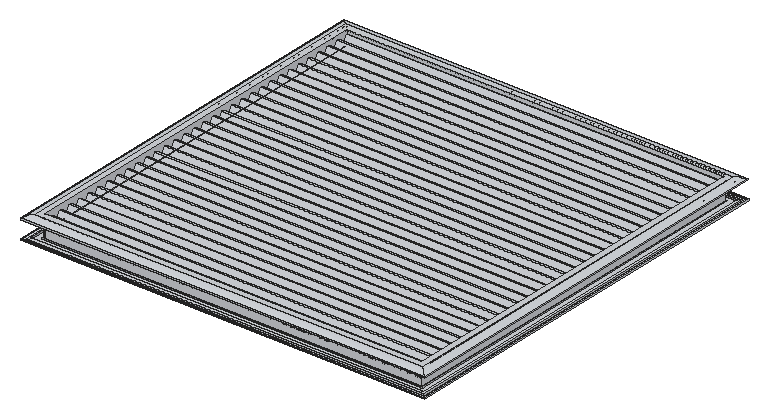
Revit family "12611_GDY", category Air Terminals, Revit 2012
Parameters (values of type "GDY")
  Visible_Texto = not(and(and(and(Medida_Requerida_Vertical > 5", Medida_Requerida_Vertical < 25"), and(Medida_Requerida_Horizontal > 5", Medida_Requerida_Horizontal < 37")), and(Medida_Requerida_Vertical = (Var2 * 1"), Medida_Requerida_Horizontal = (Var1 * 1"))))  # no
  Var2 = rounddown(Medida_Requerida_Vertical / 2") * 2  # 24
  Var1 = rounddown(Medida_Requerida_Horizontal / 2") * 2  # 24
  URL = "https://www.innes.com.mx"
  Type Comments = "Aletas tipo \"Y\""
  Tipo de Cuello = "Cuadrado/Rectangular"
  Posición de Instalación = "Muro"
  Nota_1 = if(Medida_Requerida_Vertical > 24", "Medida vertical no disponible máximo 24 in", if(Medida_Requerida_Vertical < 6", "Medida vertical no disponible mínimo 6 in", if(Medida_Requerida_Horizontal > 36", "Medida horizontal no disponible máximo 36 in", if(Medida_Requerida_Horizontal < 6", "Medida horizontal no disponible mínimo 6 in", if(and(Medida_Requerida_Vertical = (Var2 * 1"), Medida_Requerida_Horizontal = (Var1 * 1")), ".", "Medida no Válida. Sólo incrementos de 2 in")))))  # "."
  Model = "GDY"
  Medida_Requerida_Vertical = 24"
  Medida_Requerida_Horizontal = 24"
  Material = "Aluminio"
  Manufacturer = "INNES"
  Incrementos de Cuello = "de 2\""
  Función = "Transferencia"
  Description = "Rejilla de  Transferencia"
  Inclinación = "45°"
  Cuello Mín.-Máx. = "6\"x6\" hasta 36x24\""
  Conect_Vertical = if(Medida_Requerida_Vertical > 24", 25 3/8", if(Medida_Requerida_Vertical < 6", 7 3/8", Medida_Requerida_Vertical + 1 3/8"))  # 25 3/8"
  Conect_Horizontal = if(Medida_Requerida_Horizontal > 36", 37 3/8", if(Medida_Requerida_Horizontal < 6", 7 3/8", Medida_Requerida_Horizontal + 1 3/8"))  # 25 3/8"
Reference planes (in)
  plane 1 "Center (Front/Back)": y = 0
  plane 2: z = 0
  plane 3 "Center (Left/Right)": x = 0
  plane 4 "Conect": z = 1.5
Nested families (in)
  nested 1: "Texto_GDY" at (-5.40304, -63.82609, 0), type "texto"
    with Visible_Texto no
  nested 2: "GDY" at (0, 0, 0), type "GDY"
    with var3 24", var1 24", Var5 23 5/8", Horizontal_Externo 25 3/8", Horizontal_Interior 23 3/4", Medida_Horizontal_Requerida 24"
Connectors (in)
  hvac at (0, 0, 1.5), driven by "Conect_Vertical", driven by "Conect_Horizontal"
    settings: index 1, duct flow 0.0 L/s, flow factor 0, pres drop 0.0 Pa, loss coef 0, conn angle 0.00°, conn width 644.525 mm, conn height 644.525 mm, conn radius 304.8 mm, duct sys type 1, conn prof type 1, flow config 0, flow direction 0, loss method 0, conn ref index -1, conn util no, is conn primary yes, conn desc ""
Definition of nested family "GDY"
  Parameters (values of type "GDY")
    var4 = if(var2 > 24", 24", if(var2 < 6", 6", var2))  # 24"
    var3 = if(var1 > 36", 36", if(var1 < 6", 6", var1))  # 36"
    var2 = rounddown(Medida_Vertical_Requerida / 2") * 2"  # 24"
    var1 = rounddown(Medida_Horizontal_Requerida / 2") * 2"  # 36"
    Var5 = Horizontal_Interior - 1" / 8  # 35 5/8"
    URL = "http://www.innes.com.mx/p/Product/Article/146"
    Sep_Aletas = 3" / 4  # 3/4"
    Plano = 1 5/32"  # constant formula
    Oculta Adv = not(and(and(and(Medida_Vertical_Requerida > 5", Medida_Vertical_Requerida < 25"), and(Medida_Horizontal_Requerida > 5", Medida_Horizontal_Requerida < 37")), and(Medida_Vertical_Requerida = var2, Medida_Horizontal_Requerida = var1)))  # no
    No_Aletas = (Vertical_Interior) / Sep_Aletas  # 32
    Model = "GDY"
    Min Flow = 0.0 L/s
    Material = "Aluminio Extruido"
    Manufacturer = "INNES"
    Vertical_Externa = var2 + 1 3/8"  # 25 3/8"
    Description = "Rejilla de Transferencia"
    Color = rojo
    Vertical_Interior = var4 - 1/4"  # 23 3/4"
    Medida_Vertical_Requerida = 24"
    Conexion = "Cuadrangualar"
    Ancho_Liston = 1 5/32"  # constant formula
    Horizontal_Externo = var1 + 1 3/8"  # 37 3/8"
    Horizontal_Interior = var3 - 1/4"  # 35 3/4"
    Medida_Horizontal_Requerida = 36"
    Altura = 1 1/2"  # constant formula
    Alto_Liston = 15/32"  # constant formula
  Reference planes (in)
    plane 1 "Center (Front/Back)": y = 0
    plane 2: z = 0
    plane 3 "Center (Left/Right)": x = 0
    plane 4: x = -18.6875
    plane 5: x = 18.6875
    plane 6: x = -17.875
    plane 7: x = 17.875
    plane 8: y = 12.6875
    plane 9: y = -12.6875
    plane 10: y = 11.875
    plane 11: y = -11.875
    plane 12 "Altura": z = 1.5
    plane 13: z = 0.1875
    plane 14: z = 1.15625
  Forms (in)
    Sweep 1, solid
      path origin (0, 0, 0) x (1, 0, 0) y (0, 1, 0)
        loop
          line (-17.875, 11.875) -> (-17.875, -11.875) -> (17.875, -11.875) -> (17.875, 11.875) -> (-17.875, 11.875)
      profile origin (0, 11.875, 0) x (0, 1, 0) y (0, 0, 1)
        loop
          line (-0.05859, 0) -> (0.3178, 0)
          spline (0.3178, 0) -> (0.36977, 0.00498) -> (0.41991, 0.01093) -> (0.46817, 0.01785) -> (0.51452, 0.02574) -> (0.55893, 0.03458) -> (0.60135, 0.04437) -> (0.64177, 0.05511) -> (0.68015, 0.06679) -> (0.71644, 0.0794) -> (0.75062, 0.09294) -> (0.78265, 0.1074) -> (0.8125, 0.12279)
          line (0.8125, 0.12279) -> (0.8125, 0.1875) -> (0.77371, 0.1875) -> (0.77371, 0.1559)
          spline (0.77371, 0.1559) -> (0.75954, 0.14954) -> (0.74491, 0.14347) -> (0.72981, 0.13768) -> (0.71425, 0.13218) -> (0.69823, 0.12696) -> (0.68175, 0.12202) -> (0.6648, 0.11737) -> (0.64738, 0.113) -> (0.62951, 0.10892) -> (0.61117, 0.10512) -> (0.59237, 0.10161) -> (0.5731, 0.09838)
          line (0.5731, 0.09838) -> (0.5731, 0.1875) -> (0.44442, 0.1875)
          arc (0.44442, 0.1875) -> (0.41977, 0.16284) -> (0.44442, 0.13819) r 0.02466
          line (0.44442, 0.13819) -> (0.52196, 0.13819) -> (0.52196, 0.09131) -> (0.00152, 0.09131) -> (0.00152, 0.13819) -> (0.04352, 0.13819)
          arc (0.04352, 0.13819) -> (0.06817, 0.16284) -> (0.04352, 0.1875) r 0.02466
          line (0.04352, 0.1875) -> (0.00152, 0.1875) -> (0.00152, 1.27344) -> (0.04908, 1.27344)
          arc (0.04908, 1.27344) -> (0.08033, 1.30469) -> (0.04908, 1.33594) r 0.03125
          line (0.04908, 1.33594) -> (0.00152, 1.33594) -> (0.00152, 1.39844) -> (0.52196, 1.39844) -> (0.52196, 1.33594) -> (0.43972, 1.33594)
          arc (0.43972, 1.33594) -> (0.40847, 1.30469) -> (0.43972, 1.27344) r 0.03125
          line (0.43972, 1.27344) -> (0.5731, 1.27344) -> (0.5731, 1.39844) -> (0.75, 1.33594) -> (0.75, 1.27344) -> (0.8125, 1.27344) -> (0.8125, 1.33984)
          arc (0.8125, 1.33984) -> (0.57779, 1.45896) -> (0.3178, 1.5) r 0.84412
          line (0.3178, 1.5) -> (-0.05859, 1.5) -> (-0.05859, 0.08004) -> (-0.09959, 0.07236)
          arc (-0.09959, 0.07236) -> (-0.15118, 0.04748) -> (-0.18321, 0) r 0.10976
          line (-0.18321, 0) -> (-0.05859, 0)
  Dimensions and locks (in)
    equal spacing: plane 4, plane 3 "Center (Left/Right)", plane 5
    "Horizontal_Externo": plane 4 to plane 5
    equal spacing: plane 6, plane 3 "Center (Left/Right)", plane 7
    "Horizontal_Interior": plane 6 to plane 7
    equal spacing: plane 8, plane 1 "Center (Front/Back)", plane 9
    "Vertical_Externa": plane 8 to plane 9
    equal spacing: plane 10, plane 1 "Center (Front/Back)", plane 11  (x2)
    "Vertical_Interior": plane 10 to plane 11
    "Altura": plane 12 "Altura" to level
    locked: plane 13 to level at 0.1875
    plane 14 to level = 1 5/32"
    "Plano": plane 14 to level
    plane 10 to plane 11 = 23 3/4"
    equal spacing: group 1, group 2, group 3, group 4, group 5, group 6, group 7, group 8, group 9, group 10, group 11, group 12, group 13, group 14, group 15, group 16, group 17, group 18, group 19, group 20, group 21, group 22, group 23, group 24, group 25, group 26, group 27, group 28, group 29, group 30, group 31, group 32  (x3)
    "Sep_Aletas": Sweep 1 to nested 2
    aligned and locked: plane 2 to level
    aligned and locked: Sweep 1 sketch curve to plane 10
    aligned and locked: plane 6 to Sweep 1 sketch curve
    aligned and locked: plane 11 to Sweep 1 sketch curve
    aligned and locked: Sweep 1 sketch curve to plane 7
    aligned and locked: nested 1 to nested 1  (x2)
    aligned and locked: Sweep 1 to Sweep 1  (x2)
    aligned and locked: Sweep 1 to nested 1  (x3)
    aligned and locked: nested 2 to nested 2  (x2)
    aligned and locked: Sweep 1 to nested 2
    aligned and locked: nested 5 to nested 5  (x2)
    aligned and locked: nested 6 to nested 6  (x2)
    aligned and locked: nested 7 to nested 7  (x2)
    aligned and locked: nested 8 to nested 8  (x2)
    aligned and locked: nested 9 to nested 9  (x2)
    aligned and locked: nested 10 to nested 10  (x2)
    aligned and locked: nested 11 to nested 11  (x2)
    aligned and locked: nested 12 to nested 12  (x2)
    aligned and locked: nested 13 to nested 13  (x2)
    aligned and locked: nested 14 to nested 14  (x2)
    aligned and locked: nested 15 to nested 15  (x2)
    aligned and locked: nested 16 to nested 16  (x2)
    aligned and locked: nested 17 to nested 17  (x2)
    aligned and locked: nested 18 to nested 18  (x2)
    aligned and locked: nested 19 to nested 19  (x2)
    aligned and locked: nested 20 to nested 20  (x2)
    aligned and locked: nested 21 to nested 21  (x2)
    aligned and locked: nested 22 to nested 22  (x2)
    aligned and locked: nested 23 to nested 23  (x2)
    aligned and locked: nested 24 to nested 24  (x2)
    aligned and locked: nested 25 to nested 25  (x2)
    aligned and locked: nested 26 to nested 26  (x2)
    aligned and locked: nested 27 to nested 27  (x2)
    aligned and locked: nested 28 to nested 28  (x2)
    aligned and locked: nested 29 to nested 29  (x2)
    aligned and locked: nested 30 to nested 30  (x2)
    aligned and locked: nested 31 to nested 31  (x2)
    aligned and locked: nested 32 to nested 32  (x2)
    aligned and locked: nested 33 to nested 33  (x2)
    aligned and locked: nested 34 to nested 34  (x2)
  Automatic sketch dimensions
    Sweep 1 sketch curve to level = 0"
    profile plane to Sweep 1 sketch curve = 15/256"  (x2)
    profile plane to Sweep 1 sketch curve = 0.07936"
    profile plane to Sweep 1 sketch curve = 0.09959"
    Sweep 1 sketch curve to Sweep 1 sketch curve = 0.10385"
    Sweep 1 sketch curve to profile plane = 0.00152"  (x3)
    Sweep 1 sketch curve to Sweep 1 sketch curve = 0.042"
    Sweep 1 sketch curve to Sweep 1 sketch curve = 0.04756"
    Sweep 1 sketch curve to Sweep 1 sketch curve = 0.26871"
    Sweep 1 sketch curve to Sweep 1 sketch curve = 0.27428"
    Sweep 1 sketch curve to Sweep 1 sketch curve = 0.12193"
    Sweep 1 sketch curve to Sweep 1 sketch curve = 0.12662"
    Sweep 1 sketch curve to Sweep 1 sketch curve = 0.07754"
    Sweep 1 sketch curve to Sweep 1 sketch curve = 0.08224"
    Sweep 1 sketch curve to Sweep 1 sketch curve = 0.05114"  (x2)
    Sweep 1 sketch curve to Sweep 1 sketch curve = 0.1769"
    level to Sweep 1 sketch curve = 0.1559"
    Sweep 1 sketch curve to Sweep 1 sketch curve = 0.20061"
    Sweep 1 sketch curve to Sweep 1 sketch curve = 0.03879"
    Sweep 1 sketch curve to Sweep 1 sketch curve = 1/16"  (x3)
    Sweep 1 sketch curve to level = 0.03552"
    Sweep 1 sketch curve to Sweep 1 sketch curve = 0.00769"
    level to Sweep 1 sketch curve = 0.09131"
    Sweep 1 sketch curve to Sweep 1 sketch curve = 0.00706"
    Sweep 1 sketch curve to Sweep 1 sketch curve = 0.03311"
    Sweep 1 sketch curve to Sweep 1 sketch curve = 3/64"  (x2)
    Sweep 1 sketch curve to Sweep 1 sketch curve = 0.02466"  (x2)
    Sweep 1 sketch curve to Sweep 1 sketch curve = 0.0316"
    Sweep 1 sketch curve to Sweep 1 sketch curve = 0.46838"
    Sweep 1 sketch curve to Sweep 1 sketch curve = 0"  (x3)
    Sweep 1 sketch curve to Sweep 1 sketch curve = 1/32"  (x2)
    Sweep 1 sketch curve to Sweep 1 sketch curve = 1/256"
    Sweep 1 sketch curve to Sweep 1 sketch curve = 13/128"
  Nested families (in)
    nested 1: "Matriz GSY" at (-0.00391, -11.40777, 0.69786) x (1, 0, 0) z (0, -1, 0), type "Matriz GSY"
      with Ancho B 35 5/8"
    nested 2: "Matriz GSY" at (-0.00391, -10.65777, 0.69786) x (1, 0, 0) z (0, -1, 0), type "Matriz GSY"
      with Ancho B 35 5/8"
    nested 3: "Family3" at (22.85974, -8.9375, 0), type "Family3"
    nested 4: "Family3" at (18.12921, -8.9375, 0), type "Family3"
    nested 5: "Matriz GSY" at (-0.00391, -9.90777, 0.69786) x (1, 0, 0) z (0, -1, 0), type "Matriz GSY"
      with Ancho B 35 5/8"
    nested 6: "Matriz GSY" at (-0.00391, -9.15777, 0.69786) x (1, 0, 0) z (0, -1, 0), type "Matriz GSY"
      with Ancho B 35 5/8"
    nested 7: "Matriz GSY" at (-0.00391, -8.40777, 0.69786) x (1, 0, 0) z (0, -1, 0), type "Matriz GSY"
      with Ancho B 35 5/8"
    nested 8: "Matriz GSY" at (-0.00391, -7.65777, 0.69786) x (1, 0, 0) z (0, -1, 0), type "Matriz GSY"
      with Ancho B 35 5/8"
    nested 9: "Matriz GSY" at (-0.00391, -6.90777, 0.69786) x (1, 0, 0) z (0, -1, 0), type "Matriz GSY"
      with Ancho B 35 5/8"
    nested 10: "Matriz GSY" at (-0.00391, -6.15777, 0.69786) x (1, 0, 0) z (0, -1, 0), type "Matriz GSY"
      with Ancho B 35 5/8"
    nested 11: "Matriz GSY" at (-0.00391, -5.40777, 0.69786) x (1, 0, 0) z (0, -1, 0), type "Matriz GSY"
      with Ancho B 35 5/8"
    nested 12: "Matriz GSY" at (-0.00391, -4.65777, 0.69786) x (1, 0, 0) z (0, -1, 0), type "Matriz GSY"
      with Ancho B 35 5/8"
    nested 13: "Matriz GSY" at (-0.00391, -3.90777, 0.69786) x (1, 0, 0) z (0, -1, 0), type "Matriz GSY"
      with Ancho B 35 5/8"
    nested 14: "Matriz GSY" at (-0.00391, -3.15777, 0.69786) x (1, 0, 0) z (0, -1, 0), type "Matriz GSY"
      with Ancho B 35 5/8"
    nested 15: "Matriz GSY" at (-0.00391, -2.40777, 0.69786) x (1, 0, 0) z (0, -1, 0), type "Matriz GSY"
      with Ancho B 35 5/8"
    nested 16: "Matriz GSY" at (-0.00391, -1.65777, 0.69786) x (1, 0, 0) z (0, -1, 0), type "Matriz GSY"
      with Ancho B 35 5/8"
    nested 17: "Matriz GSY" at (-0.00391, -0.90777, 0.69786) x (1, 0, 0) z (0, -1, 0), type "Matriz GSY"
      with Ancho B 35 5/8"
    nested 18: "Matriz GSY" at (-0.00391, -0.15777, 0.69786) x (1, 0, 0) z (0, -1, 0), type "Matriz GSY"
      with Ancho B 35 5/8"
    nested 19: "Matriz GSY" at (-0.00391, 0.59223, 0.69786) x (1, 0, 0) z (0, -1, 0), type "Matriz GSY"
      with Ancho B 35 5/8"
    nested 20: "Matriz GSY" at (-0.00391, 1.34223, 0.69786) x (1, 0, 0) z (0, -1, 0), type "Matriz GSY"
      with Ancho B 35 5/8"
    nested 21: "Matriz GSY" at (-0.00391, 2.09223, 0.69786) x (1, 0, 0) z (0, -1, 0), type "Matriz GSY"
      with Ancho B 35 5/8"
    nested 22: "Matriz GSY" at (-0.00391, 2.84223, 0.69786) x (1, 0, 0) z (0, -1, 0), type "Matriz GSY"
      with Ancho B 35 5/8"
    nested 23: "Matriz GSY" at (-0.00391, 3.59223, 0.69786) x (1, 0, 0) z (0, -1, 0), type "Matriz GSY"
      with Ancho B 35 5/8"
    nested 24: "Matriz GSY" at (-0.00391, 4.34223, 0.69786) x (1, 0, 0) z (0, -1, 0), type "Matriz GSY"
      with Ancho B 35 5/8"
    nested 25: "Matriz GSY" at (-0.00391, 5.09223, 0.69786) x (1, 0, 0) z (0, -1, 0), type "Matriz GSY"
      with Ancho B 35 5/8"
    nested 26: "Matriz GSY" at (-0.00391, 5.84223, 0.69786) x (1, 0, 0) z (0, -1, 0), type "Matriz GSY"
      with Ancho B 35 5/8"
    nested 27: "Matriz GSY" at (-0.00391, 6.59223, 0.69786) x (1, 0, 0) z (0, -1, 0), type "Matriz GSY"
      with Ancho B 35 5/8"
    nested 28: "Matriz GSY" at (-0.00391, 7.34223, 0.69786) x (1, 0, 0) z (0, -1, 0), type "Matriz GSY"
      with Ancho B 35 5/8"
    nested 29: "Matriz GSY" at (-0.00391, 8.09223, 0.69786) x (1, 0, 0) z (0, -1, 0), type "Matriz GSY"
      with Ancho B 35 5/8"
    nested 30: "Matriz GSY" at (-0.00391, 8.84223, 0.69786) x (1, 0, 0) z (0, -1, 0), type "Matriz GSY"
      with Ancho B 35 5/8"
    nested 31: "Matriz GSY" at (-0.00391, 9.59223, 0.69786) x (1, 0, 0) z (0, -1, 0), type "Matriz GSY"
      with Ancho B 35 5/8"
    nested 32: "Matriz GSY" at (-0.00391, 10.34223, 0.69786) x (1, 0, 0) z (0, -1, 0), type "Matriz GSY"
      with Ancho B 35 5/8"
    nested 33: "Matriz GSY" at (-0.00391, 11.09223, 0.69786) x (1, 0, 0) z (0, -1, 0), type "Matriz GSY"
      with Ancho B 35 5/8"
    nested 34: "Matriz GSY" at (-0.00391, 11.84223, 0.69786) x (1, 0, 0) z (0, -1, 0), type "Matriz GSY"
      with Ancho B 35 5/8"
  Definition of nested family "Matriz GSY"
    Parameters (values of type "Matriz GSY")
      Ancho liston = 1 5/32"
      Ancho B = 7 3/4"
      Alto liston = 15/32"
    Reference planes (in)
      plane 1 "Center (Front/Back)": y = 0
      plane 2: z = 0
      plane 3 "Center (Left/Right)": x = 0
      plane 4: x = -3.875
      plane 5: x = 3.875
      plane 6: y = 0.57812
      plane 7: y = -0.57813
      plane 8: z = 0.46875
    Forms (in)
      Sweep 1, solid
        path origin (0, 0, 0) x (1, 0, 0) y (0, 1, 0)
          loop
            line (-3.875, 0) -> (3.875, 0)
        profile origin (0, 0, 0) x (0, 1, 0) y (0, 0, 1)
          loop
            line (0.57813, 0) -> (0.57813, 0.11225) -> (0.05235, 0.41581) -> (0.05235, 0.46875) -> (-0.05235, 0.46875) -> (-0.05235, 0.40321) -> (-0.57812, 0.11913) -> (-0.57812, 0) -> (-0.51036, 0) -> (-0.51036, 0.09016) -> (-0.05235, 0.33511) -> (0.05235, 0.33511) -> (0.51144, 0.07005) -> (0.51144, 0) -> (0.57813, 0)
    Dimensions and locks (in)
      equal spacing: plane 4, plane 3 "Center (Left/Right)", plane 5
      "Ancho B": plane 4 to plane 5
      equal spacing: plane 6, plane 1 "Center (Front/Back)", plane 7, locked at 0.57813 each
      "Ancho liston": plane 6 to plane 7
      "Alto liston": plane 8 to level
      "Ancho B": Sweep 1 sketch curve to Sweep 1 sketch curve
      equal spacing: Sweep 1, plane 1 "Center (Front/Back)", Sweep 1
      aligned and locked: plane 2 to level
      aligned and locked: plane 8 to Sweep 1
    Automatic sketch dimensions
      plane 1 "Center (Front/Back)" to Sweep 1 sketch curve = 0"
      Sweep 1 sketch curve to plane 4 = 0"
      Sweep 1 sketch curve to level = 0"  (x2)
      profile plane to Sweep 1 sketch curve = 37/64"
      level to Sweep 1 sketch curve = 0.09016"
      Sweep 1 sketch curve to Sweep 1 sketch curve = 0.06777"
      profile plane to Sweep 1 sketch curve = 0.05235"
      Sweep 1 sketch curve to Sweep 1 sketch curve = 0"
      Sweep 1 sketch curve to profile plane = 0.05235"  (x2)
      Sweep 1 sketch curve to profile plane = 0.51144"
      level to Sweep 1 sketch curve = 0.11225"
      Sweep 1 sketch curve to Sweep 1 sketch curve = 0.06669"
      level to Sweep 1 sketch curve = 0.07005"
      Sweep 1 sketch curve to Sweep 1 sketch curve = 0.02897"
      level to Sweep 1 sketch curve = 0.33511"
      Sweep 1 sketch curve to Sweep 1 sketch curve = 0.0681"
      Sweep 1 sketch curve to Sweep 1 sketch curve = 0.0807"
      Sweep 1 sketch curve to Sweep 1 sketch curve = 0.05294"
  Definition of nested family "Family3"
    Reference planes (in)
      plane 1 "Center (Front/Back)": y = 0
      plane 2: z = 0
      plane 3 "Center (Left/Right)": x = 0
Definition of nested family "Texto_GDY"
  Parameters (values of type "texto")
    texto = "Caudal no Válido"
    Visible_Texto = yes
    Color = rojo
  Reference planes (in)
    plane 1 "Center (Front/Back)": y = 0
    plane 2: z = 0
    plane 3 "Center (Left/Right)": x = 0
